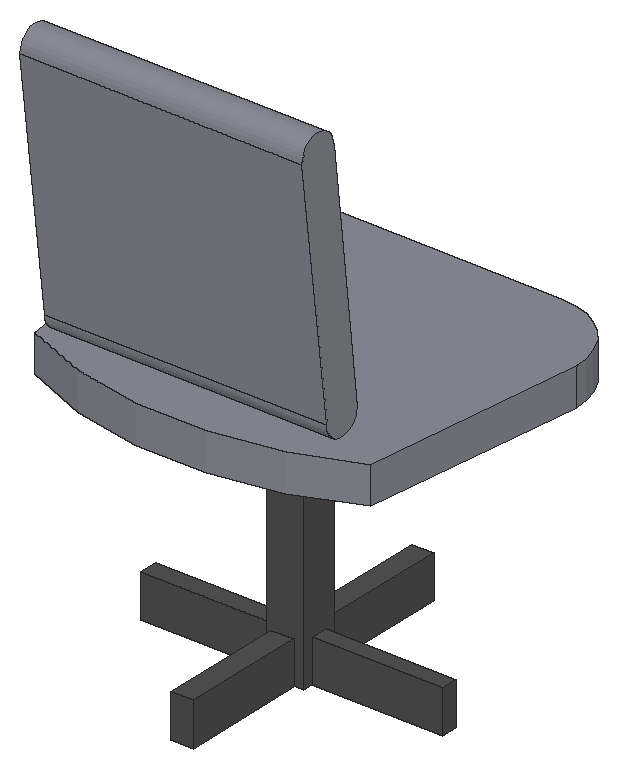
Revit family "M_Cadeira-Escritório", category Mobiliário, Revit 2019
Family settings
  Número OmniClass = 23.40.20.14.14.11
  Título OmniClass = Chairs
  ID de item do Seek = Chair-Desk-0000-CAN-ENU
  Com base no plano de trabalho = Não
  Sempre na vertical = Sim
  Corte com vazios quando carregada = Não
  Compartilhado = Sim
  Ponto de cálculo do ambiente = Não
Parameters (values of type "Cadeira de mesa")
  Assento/Material preto = Tecido - Azul ardósia
  Material base = Aço, Cromo polido
Reference planes
  plane 1: y = 0
  plane 2: z = 0
  plane 3: x = 0
  plane 4: z = 355.6
  plane 5 "Assento": z = 406.4
  plane 6: z = 762
  plane 7: y = 406.4
Forms (mm)
  Extrusion 1, solid, material "Tecido - Azul ardósia" <- "Assento/Material preto"
    sketch origin (0, 0, 0) x (1, 0, 0) y (0, 1, 0)
      loop
        arc (-228.6, 0) -> (0, -55.074) -> (228.6, 0) r 501.968
        line (228.6, 0) -> (266.207, 302.446)
        arc (266.207, 302.446) -> (235.759, 375.953) -> (162.253, 406.4) r 103.954
        line (162.253, 406.4) -> (-152.4, 406.4)
        arc (-152.4, 406.4) -> (-230.848, 377.942) -> (-266.406, 302.446) r 109.4
        line (-266.406, 302.446) -> (-228.6, 0)
    from 355.6 to 406.4
  Extrusion 2, solid, material "Tecido - Azul ardósia" <- "Assento/Material preto"
    sketch origin (0, 0, 0) x (0, 1, 0) y (0, 0, 1)
      loop
        line (25.552, 451.388) -> (-13.632, 787.4)
        arc (-13.632, 787.4) -> (-40.421, 814.188) -> (-67.209, 787.4) r 26.788
        line (-67.209, 787.4) -> (-25.4, 451.388)
        arc (-25.4, 451.388) -> (0.076, 425.912) -> (25.552, 451.388) r 25.476
    from -194.364 to 188.912
  Extrusion 3, solid, material "Aço, Cromo polido" <- "Material base"
    sketch origin (0, 0, 0) x (1, 0, 0) y (0, 1, 0)
      loop
        line (-24.476, 190.269) -> (-24.476, 139.469) -> (26.324, 139.469) -> (26.324, 190.269) -> (-24.476, 190.269)
    from 0 to 355.6
  Extrusion 4, solid, material "Aço, Cromo polido" <- "Material base"
    sketch origin (0, 0, 0) x (1, 0, 0) y (0, 1, 0)
      loop
        line (-25.862, 175.029) -> (-203.662, 175.029) -> (-203.662, 150.046) -> (-25.862, 150.046) -> (-25.862, 175.029)
      loop
        line (26.785, 175.029) -> (26.785, 152.4) -> (204.124, 152.4) -> (204.124, 175.029) -> (26.785, 175.029)
      loop
        line (14.316, 188.884) -> (14.316, 374.952) -> (-16.164, 374.952) -> (-16.164, 188.884) -> (14.316, 188.884)
      loop
        line (-16.164, 136.236) -> (-16.164, -33.251) -> (14.316, -33.251) -> (14.316, 136.236) -> (-16.164, 136.236)
    from 0 to 58.504
Lines and regions (mm)
  Masking region 1
    outline origin (0, 0, 406.4) x (0, 1, 0) y (-1, 0, 0)
      loop
        arc (0, 228.6) -> (-55.074, 0.248) -> (-0.226, -228.158) r 501.968
        line (-0.226, -228.158) -> (302.446, -265.793)
        arc (302.446, -265.793) -> (375.161, -235.674) -> (405.281, -162.959) r 102.835
        line (405.281, -162.959) -> (405.281, 163.571)
        arc (405.281, 163.571) -> (375.161, 236.286) -> (302.446, 266.406) r 102.835
        line (302.446, 266.406) -> (0, 228.6)
  symbolic lines
    curve 1: arc (-205.83, 44.514, 406.4) -> (0, -5.074, 406.4) -> (205.83, 44.514, 406.4) r 451.968
    curve 2: arc (205.83, 44.514, 406.4) -> (223.133, 25.285, 406.4) -> (228.6, 0, 406.4) r 50.332
    curve 3: arc (-228.6, 0, 406.4) -> (-222.618, 25.021, 406.4) -> (-205.83, 44.514, 406.4) r 54.522
Dimensions and locks
  plane 6 to plane 5 "Assento" to plane 4 to plane 2 = 355.60 mm, 50.80 mm, 355.60 mm
  Extrusion 4 sketch curve to plane 3 to Extrusion 4 sketch curve = 14.316 mm, 16.164 mm
  equal spacing: Extrusion 4 sketch curve, plane 3, Extrusion 4 sketch curve
  aligned and locked: plane 4 to Extrusion 1
  aligned and locked: Extrusion 1 to plane 5 "Assento"
  aligned and locked: Extrusion 3 to level
  aligned and locked: Extrusion 3 to plane 4
  aligned and locked: Extrusion 4 to level
